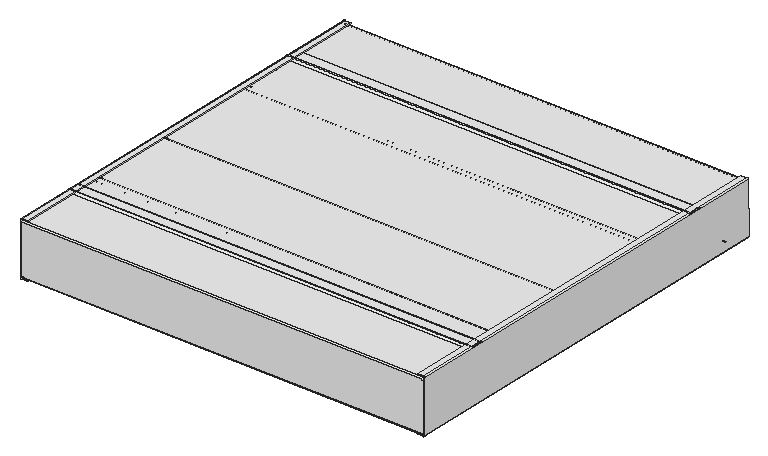
Revit family "LSTB", category Lighting Fixtures, host Ceiling, Revit 2019
Family settings
  Host = Ceiling
  Round Connector Dimension = Use Diameter
  Part Type = Normal
  OmniClass Number = 23.80.70.11.14.17
  OmniClass Title = Direct/Indirect
  Always vertical = Yes
  Cut with Voids When Loaded = No
  Light Source = Yes
  Shared = No
  Room Calculation Point = No
Parameters (values of type "LSTB2x2-LED840K033LUNV")
  Width = 1' - 11 3/4"
  Wattage = 26 W
  built-in parameter 1150110 = 1 (stored number, unit not read)
  Voltage = 120 V  # constant formula
  URL = "https://www.viscor.com/en/products/lstb"
  built-in parameter 1114217 = 0.9 (stored number, unit not read)
  Tilt Angle = 90.00°
  built-in parameter 1150109 = 1 (stored number, unit not read)
  built-in parameter 1150134 = 12
  built-in parameter 1150113 = 1 (stored number, unit not read)
  Photometric Web File = "LSTB2x2-LED840K033LUNV.IES"
  Model = "LSTB"  # constant formula
  Manufacturer = "VISIONEERING by VISCOR"  # constant formula
  Lumens = 3302 lm
  built-in parameter 1150115 = 1 (stored number, unit not read)
  built-in parameter 1150105 = 262.76 (stored number, unit not read)
  built-in parameter 1150137 = (empty or 0)
  built-in parameter 1150139 = (empty or 0)
  Lens Finish = Acrylic - Viscor - Extruded Frosted
  Length = 1' - 11 3/4"
  Lamp Wattage = 26 VA
  built-in parameter 1150112 = 1 (stored number, unit not read)
  built-in parameter 1150114 = 1 (stored number, unit not read)
  Lamp = "LED"  # constant formula
  built-in parameter 1150132 = (empty or 0)
  built-in parameter 1150102 = (empty or 0)
  built-in parameter 1150138 = (empty or 0)
  built-in parameter 1150107 = 4000 (stored number, unit not read)
  built-in parameter 1150106 = 2.6276 (stored number, unit not read)
  Housing Finish = Metal - Viscor - White
  Height = 0' - 3 1/8"
  Emit from Rectangle Width = Width  # 1' - 11 3/4"
  Emit from Rectangle Length = Length  # 1' - 11 3/4"
  Emit Shape Visible in Rendering = no
  built-in parameter 1150104 = 11.799 (stored number, unit not read)
  Dimming Lamp Color Temperature Shift = <None>
  Description = "LED Surfaced Type B"  # constant formula
  Color Filter = 16777215
  built-in parameter 1114218 = 1 (stored number, unit not read)
  built-in parameter 1150133 = 10 (stored number, unit not read)
  Assembly Code = "D5020200"
  Apparent Load = Lamp Wattage  # 26 VA
Types (5): name | Wattage | Photometric Web File | Lumens | built-in parameter 1150105 | Length | Lamp Wattage | built-in parameter 1150106 | Emit from Rectangle Length | built-in parameter 1150104 | Apparent Load
  (no name) | 26 W | "LSTB2x2-LED840K033LUNV.IES" | 3302 lm | 262.76 (stored number, unit not read) | 1' - 11 3/4" | 26 VA | 2.6276 (stored number, unit not read) | 1' - 11 3/4" | 11.799 (stored number, unit not read) | 26 VA
  LSTB2X2-LED840K020LUNV | 20 W | "LSTB2X2-LED840K020LUNV.ies" | 1980 lm | 157.56 (stored number, unit not read) | 1' - 11 3/4" | 20 VA | 1.5756 (stored number, unit not read) | 1' - 11 3/4" | 9.1974 (stored number, unit not read) | 20 VA
  LSTB2x4-LED840K037LUNV | 28 W | "LSTB2X4-LED840K037LUNV.ies" | 3276 lm | 260.7 (stored number, unit not read) | 3' - 11 3/4" | 28 VA | 2.607 (stored number, unit not read) | 3' - 11 3/4" | 10.87 (stored number, unit not read) | 28 VA
  LSTB2x2-LED840K033LUNV | 26 W | "LSTB2x2-LED840K033LUNV.IES" | 3302 lm | 262.76 (stored number, unit not read) | 1' - 11 3/4" | 26 VA | 2.6276 (stored number, unit not read) | 1' - 11 3/4" | 11.799 (stored number, unit not read) | 26 VA
  LSTB2x4-LED840K046LUNV | 44 W | "LSTB2x4-LED840K046LUNV.IES" | 4620 lm | 367.65 (stored number, unit not read) | 3' - 11 3/4" | 44 VA | 3.6765 (stored number, unit not read) | 3' - 11 3/4" | 9.7548 (stored number, unit not read) | 44 VA
Reference planes (in)
  plane 1 "Light Source Axis (F/B)": y = 0
  plane 2 "Ceiling": z = 96
  plane 3 "Light Source Axis (L/R)": x = 0
  plane 4 "Light Source Elevation": z = 92.75
  plane 5: y = 11.875
  plane 6: y = -11.875
  plane 7: x = -11.875
  plane 8: x = 11.875
  plane 9: y = 11.438
  plane 10: y = -11.438
  plane 11: x = -11.84375
  plane 12: x = 11.84375
  plane 13: x = -11.438
  plane 14: x = 11.43775
  plane 15 "DoorFrameBottom": z = 92.875
  plane 16: x = -11.59375
  plane 17: x = 11.59375
  plane 18: x = -10.88722
  plane 19: x = 10.88722
Forms (in)
  Extrusion 1, solid, material "Metal - Viscor - White" <- "Housing Finish"
    sketch origin (0, 0, 0) x (0, 1, 0) y (0, 0, 1)
      loop
        arc (11.806, 92.875) -> (11.85479, 92.89521) -> (11.875, 92.944) r 0.069
        line (11.875, 92.944) -> (11.875, 95.806)
        arc (11.875, 95.806) -> (11.85479, 95.85479) -> (11.806, 95.875) r 0.069
        line (11.806, 95.875) -> (8.44993, 95.875) -> (8.34426, 95.98067)
        arc (8.34426, 95.98067) -> (8.32285, 95.99498) -> (8.29759, 96) r 0.066
        line (8.29759, 96) -> (7.70241, 96)
        arc (7.70241, 96) -> (7.67715, 95.99498) -> (7.65574, 95.98067) r 0.066
        line (7.65574, 95.98067) -> (7.55007, 95.875) -> (-7.55007, 95.875) -> (-7.65574, 95.98067)
        arc (-7.65574, 95.98067) -> (-7.67715, 95.99498) -> (-7.70241, 96) r 0.066
        line (-7.70241, 96) -> (-8.29759, 96)
        arc (-8.29759, 96) -> (-8.32285, 95.99498) -> (-8.34426, 95.98067) r 0.066
        line (-8.34426, 95.98067) -> (-8.44993, 95.875) -> (-11.806, 95.875)
        arc (-11.806, 95.875) -> (-11.85479, 95.85479) -> (-11.875, 95.806) r 0.069
        line (-11.875, 95.806) -> (-11.875, 92.944)
        arc (-11.875, 92.944) -> (-11.85479, 92.89521) -> (-11.806, 92.875) r 0.069
        line (-11.806, 92.875) -> (-11.506, 92.875)
        arc (-11.506, 92.875) -> (-11.45721, 92.89521) -> (-11.437, 92.944) r 0.069
        line (-11.437, 92.944) -> (-11.437, 93.616)
        arc (-11.437, 93.616) -> (-11.42558, 93.64358) -> (-11.398, 93.655) r 0.039
        line (-11.398, 93.655) -> (-10.85101, 93.655) -> (-10.85101, 93.68625) -> (-11.398, 93.68625)
        arc (-11.398, 93.68625) -> (-11.44767, 93.66567) -> (-11.46825, 93.616) r 0.07025
        line (-11.46825, 93.616) -> (-11.46825, 92.944)
        arc (-11.46825, 92.944) -> (-11.47931, 92.91731) -> (-11.506, 92.90625) r 0.03775
        line (-11.506, 92.90625) -> (-11.806, 92.90625)
        arc (-11.806, 92.90625) -> (-11.83269, 92.91731) -> (-11.84375, 92.944) r 0.03775
        line (-11.84375, 92.944) -> (-11.84375, 95.806)
        arc (-11.84375, 95.806) -> (-11.83269, 95.83269) -> (-11.806, 95.84375) r 0.03775
        line (-11.806, 95.84375) -> (-8.43698, 95.84375) -> (-8.31198, 95.96875) -> (-7.68802, 95.96875) -> (-7.56302, 95.84375) -> (7.56302, 95.84375) -> (7.68802, 95.96875) -> (8.31198, 95.96875) -> (8.43698, 95.84375) -> (11.806, 95.84375)
        arc (11.806, 95.84375) -> (11.83269, 95.83269) -> (11.84375, 95.806) r 0.03775
        line (11.84375, 95.806) -> (11.84375, 92.944)
        arc (11.84375, 92.944) -> (11.83269, 92.91731) -> (11.806, 92.90625) r 0.03775
        line (11.806, 92.90625) -> (11.506, 92.90625)
        arc (11.506, 92.90625) -> (11.47931, 92.91731) -> (11.46825, 92.944) r 0.03775
        line (11.46825, 92.944) -> (11.46825, 93.616)
        arc (11.46825, 93.616) -> (11.44767, 93.66567) -> (11.398, 93.68625) r 0.07025
        line (11.398, 93.68625) -> (10.85101, 93.68625) -> (10.85101, 93.655) -> (11.398, 93.655)
        arc (11.398, 93.655) -> (11.42558, 93.64358) -> (11.437, 93.616) r 0.039
        line (11.437, 93.616) -> (11.437, 92.944)
        arc (11.437, 92.944) -> (11.45721, 92.89521) -> (11.506, 92.875) r 0.069
        line (11.506, 92.875) -> (11.806, 92.875)
    from -11.84375 to 11.84375
  Extrusion 2, solid, material "Metal - Viscor - White" <- "Housing Finish"
    sketch origin (0, 0, 0) x (1, 0, 0) y (0, 0, 1)
      loop
        arc (-11.84375, 95.9375) -> (-11.8346, 95.9596) -> (-11.8125, 95.96875) r 0.03125
        line (-11.8125, 95.96875) -> (-11.438, 95.96875) -> (-11.438, 96) -> (-11.8125, 96)
        arc (-11.8125, 96) -> (-11.85669, 95.98169) -> (-11.875, 95.9375) r 0.0625
        line (-11.875, 95.9375) -> (-11.875, 92.90625)
        arc (-11.875, 92.90625) -> (-11.85669, 92.86206) -> (-11.8125, 92.84375) r 0.0625
        line (-11.8125, 92.84375) -> (-11.438, 92.84375) -> (-11.438, 92.875) -> (-11.8125, 92.875)
        arc (-11.8125, 92.875) -> (-11.8346, 92.88415) -> (-11.84375, 92.90625) r 0.03125
        line (-11.84375, 92.90625) -> (-11.84375, 95.9375)
    from -11.875 to 11.875
  Extrusion 3, solid, material "Metal - Viscor - White" <- "Housing Finish"
    sketch origin (0, 0, 0) x (-1, 0, 0) y (0, 0, -1)
      loop
        line (-11.84375, -95.9375) -> (-11.84375, -92.90625)
        arc (-11.84375, -92.90625) -> (-11.8346, -92.88415) -> (-11.8125, -92.875) r 0.03125
        line (-11.8125, -92.875) -> (-11.438, -92.875) -> (-11.438, -92.84375) -> (-11.8125, -92.84375)
        arc (-11.8125, -92.84375) -> (-11.85669, -92.86206) -> (-11.875, -92.90625) r 0.0625
        line (-11.875, -92.90625) -> (-11.875, -95.9375)
        arc (-11.875, -95.9375) -> (-11.85669, -95.98169) -> (-11.8125, -96) r 0.0625
        line (-11.8125, -96) -> (-11.438, -96) -> (-11.438, -95.96875) -> (-11.8125, -95.96875)
        arc (-11.8125, -95.96875) -> (-11.8346, -95.9596) -> (-11.84375, -95.9375) r 0.03125
    from -11.875 to 11.875
  Extrusion 4, solid, material "Metal - Viscor - White" <- "Housing Finish"
    sketch origin (0, 0, 92.875) x (0, 1, 0) y (-1, 0, 0)
      loop
        line (-11.38722, 11.38722) -> (-11.38722, -11.38722) -> (11.38722, -11.38722) -> (11.38722, 11.38722) -> (-11.38722, 11.38722)
      loop
        line (-10.88722, 10.88722) -> (-10.88722, -10.88722) -> (10.88722, -10.88722) -> (10.88722, 10.88722) -> (-10.88722, 10.88722)
    from 0 to 0.5
  Extrusion 5, solid, material "Metal - Viscor - White" <- "Housing Finish"
    sketch origin (0, 0, 0) x (0, 1, 0) y (0, 0, 1)
      loop
        arc (1.65995, 95.84425) -> (1.62398, 95.83227) -> (1.60237, 95.80111) r 0.06
        line (1.60237, 95.80111) -> (1.18671, 94.38159) -> (0.82699, 94.13024) -> (-0.82699, 94.13024) -> (-1.18671, 94.38159) -> (-1.60237, 95.80111)
        arc (-1.60237, 95.80111) -> (-1.62398, 95.83227) -> (-1.65995, 95.84425) r 0.06
        line (-1.65995, 95.84425) -> (-1.906, 95.84425) -> (-1.906, 95.813) -> (-1.65995, 95.813)
        arc (-1.65995, 95.813) -> (-1.64271, 95.80726) -> (-1.63236, 95.79233) r 0.02875
        line (-1.63236, 95.79233) -> (-1.21361, 94.36227) -> (-0.83683, 94.09899) -> (0.83683, 94.09899) -> (1.21361, 94.36227) -> (1.63236, 95.79233)
        arc (1.63236, 95.79233) -> (1.64271, 95.80726) -> (1.65995, 95.813) r 0.02875
        line (1.65995, 95.813) -> (1.906, 95.813) -> (1.906, 95.84425) -> (1.65995, 95.84425)
    from -11.59375 to 11.59375
  Extrusion 6, solid, material "Metal - Viscor - White" <- "Housing Finish"
    sketch origin (0, 0, 0) x (0, 1, 0) y (0, 0, 1)
      loop
        line (6.837, 95.84425) -> (6.444, 95.84425)
        arc (6.444, 95.84425) -> (6.39521, 95.82404) -> (6.375, 95.77525) r 0.069
        line (6.375, 95.77525) -> (6.375, 95.25825)
        arc (6.375, 95.25825) -> (6.36358, 95.23067) -> (6.336, 95.21925) r 0.039
        line (6.336, 95.21925) -> (4.664, 95.21925)
        arc (4.664, 95.21925) -> (4.63642, 95.23067) -> (4.625, 95.25825) r 0.039
        line (4.625, 95.25825) -> (4.625, 95.77525)
        arc (4.625, 95.77525) -> (4.60479, 95.82404) -> (4.556, 95.84425) r 0.069
        line (4.556, 95.84425) -> (4.163, 95.84425) -> (4.163, 95.813) -> (4.556, 95.813)
        arc (4.556, 95.813) -> (4.58269, 95.80194) -> (4.59375, 95.77525) r 0.03775
        line (4.59375, 95.77525) -> (4.59375, 95.25825)
        arc (4.59375, 95.25825) -> (4.61433, 95.20858) -> (4.664, 95.188) r 0.07025
        line (4.664, 95.188) -> (6.336, 95.188)
        arc (6.336, 95.188) -> (6.38567, 95.20858) -> (6.40625, 95.25825) r 0.07025
        line (6.40625, 95.25825) -> (6.40625, 95.77525)
        arc (6.40625, 95.77525) -> (6.41731, 95.80194) -> (6.444, 95.813) r 0.03775
        line (6.444, 95.813) -> (6.837, 95.813) -> (6.837, 95.84425)
    from -11.59375 to 11.59375
  Extrusion 7, solid, material "Metal - Viscor - White" <- "Housing Finish"
    sketch origin (0, 0, 0) x (0, -1, 0) y (0, 0, -1)
      loop
        line (6.837, -95.84425) -> (6.837, -95.813) -> (6.444, -95.813)
        arc (6.444, -95.813) -> (6.41731, -95.80194) -> (6.40625, -95.77525) r 0.03775
        line (6.40625, -95.77525) -> (6.40625, -95.25825)
        arc (6.40625, -95.25825) -> (6.38567, -95.20858) -> (6.336, -95.188) r 0.07025
        line (6.336, -95.188) -> (4.664, -95.188)
        arc (4.664, -95.188) -> (4.61433, -95.20858) -> (4.59375, -95.25825) r 0.07025
        line (4.59375, -95.25825) -> (4.59375, -95.77525)
        arc (4.59375, -95.77525) -> (4.58269, -95.80194) -> (4.556, -95.813) r 0.03775
        line (4.556, -95.813) -> (4.163, -95.813) -> (4.163, -95.84425) -> (4.556, -95.84425)
        arc (4.556, -95.84425) -> (4.60479, -95.82404) -> (4.625, -95.77525) r 0.069
        line (4.625, -95.77525) -> (4.625, -95.25825)
        arc (4.625, -95.25825) -> (4.63642, -95.23067) -> (4.664, -95.21925) r 0.039
        line (4.664, -95.21925) -> (6.336, -95.21925)
        arc (6.336, -95.21925) -> (6.36358, -95.23067) -> (6.375, -95.25825) r 0.039
        line (6.375, -95.25825) -> (6.375, -95.77525)
        arc (6.375, -95.77525) -> (6.39521, -95.82404) -> (6.444, -95.84425) r 0.069
        line (6.444, -95.84425) -> (6.837, -95.84425)
    from -11.59375 to 11.59375
  Extrusion 8, solid, material "Metal - Viscor - White" <- "Housing Finish"
    sketch origin (0, 0, 0) x (0, 1, 0) y (0, 0, 1)
      loop
        arc (11.279, 92.87425) -> (11.32284, 92.89241) -> (11.341, 92.93625) r 0.062
        line (11.341, 92.93625) -> (11.341, 93.50025)
        arc (11.341, 93.50025) -> (11.32284, 93.54409) -> (11.279, 93.56225) r 0.062
        line (11.279, 93.56225) -> (11.091, 93.56225) -> (11.091, 93.531) -> (11.279, 93.531)
        arc (11.279, 93.531) -> (11.30074, 93.52199) -> (11.30975, 93.50025) r 0.03075
        line (11.30975, 93.50025) -> (11.30975, 92.93625)
        arc (11.30975, 92.93625) -> (11.30074, 92.91451) -> (11.279, 92.9055) r 0.03075
        line (11.279, 92.9055) -> (10.853, 92.9055) -> (10.58328, 93.14844)
        arc (10.58328, 93.14844) -> (8.86451, 94.25428) -> (6.88363, 94.75745) r 6.35574
        line (6.88363, 94.75745) -> (6.72553, 94.77128) -> (6.3483, 94.80428) -> (6.21684, 94.9555) -> (6.19326, 94.935) -> (6.31657, 94.79316)
        arc (6.31657, 94.79316) -> (6.33521, 94.77859) -> (6.35795, 94.77207) r 0.062
        line (6.35795, 94.77207) -> (6.72281, 94.74015) -> (6.88091, 94.72631)
        arc (6.88091, 94.72631) -> (8.85204, 94.22562) -> (10.56236, 93.12522) r 6.32449
        line (10.56236, 93.12522) -> (10.82331, 92.89018)
        arc (10.82331, 92.89018) -> (10.84258, 92.87837) -> (10.86481, 92.87425) r 0.062
        line (10.86481, 92.87425) -> (11.279, 92.87425)
    from -11.59375 to 11.59375
  Extrusion 9, solid, material "Metal - Viscor - White" <- "Housing Finish"
    sketch origin (0, 0, 0) x (0, -1, 0) y (0, 0, -1)
      loop
        line (11.279, -92.87425) -> (10.86481, -92.87425)
        arc (10.86481, -92.87425) -> (10.84258, -92.87837) -> (10.82331, -92.89018) r 0.062
        line (10.82331, -92.89018) -> (10.56236, -93.12522)
        arc (10.56236, -93.12522) -> (8.85204, -94.22562) -> (6.88091, -94.72631) r 6.32449
        line (6.88091, -94.72631) -> (6.72281, -94.74015) -> (6.35795, -94.77207)
        arc (6.35795, -94.77207) -> (6.33521, -94.77859) -> (6.31657, -94.79316) r 0.062
        line (6.31657, -94.79316) -> (6.19326, -94.935) -> (6.21684, -94.9555) -> (6.3483, -94.80428) -> (6.72553, -94.77128) -> (6.88363, -94.75745)
        arc (6.88363, -94.75745) -> (8.86451, -94.25428) -> (10.58328, -93.14844) r 6.35574
        line (10.58328, -93.14844) -> (10.853, -92.9055) -> (11.279, -92.9055)
        arc (11.279, -92.9055) -> (11.30074, -92.91451) -> (11.30975, -92.93625) r 0.03075
        line (11.30975, -92.93625) -> (11.30975, -93.50025)
        arc (11.30975, -93.50025) -> (11.30074, -93.52199) -> (11.279, -93.531) r 0.03075
        line (11.279, -93.531) -> (11.091, -93.531) -> (11.091, -93.56225) -> (11.279, -93.56225)
        arc (11.279, -93.56225) -> (11.32284, -93.54409) -> (11.341, -93.50025) r 0.062
        line (11.341, -93.50025) -> (11.341, -92.93625)
        arc (11.341, -92.93625) -> (11.32284, -92.89241) -> (11.279, -92.87425) r 0.062
    from -11.59375 to 11.59375
  Extrusion 10, solid, material "Acrylic - Viscor - Extruded Frosted" <- "Lens Finish"
    sketch origin (0, 0, 0) x (0, 1, 0) y (0, 0, 1)
      loop
        arc (5.75625, 93.14402) -> (5.9937, 93.37411) -> (6.17497, 93.65064) r 1.5
        arc (6.17497, 93.65064) -> (6.35696, 94.14556) -> (6.41875, 94.66925) r 2.25
        line (6.41875, 94.66925) -> (6.41875, 94.75425)
        arc (6.41875, 94.75425) -> (6.41289, 94.76839) -> (6.39875, 94.77425) r 0.02
        line (6.39875, 94.77425) -> (6.221, 94.77425) -> (6.221, 94.96644)
        arc (6.221, 94.96644) -> (6.23058, 94.98235) -> (6.24913, 94.98132) r 0.018
        arc (6.24913, 94.98132) -> (6.29327, 94.99363) -> (6.27376, 95.0351) r 0.03
        line (6.27376, 95.0351) -> (6.18618, 95.05857)
        arc (6.18618, 95.05857) -> (6.16882, 95.05512) -> (6.161, 95.03925) r 0.02
        line (6.161, 95.03925) -> (6.161, 94.72425)
        arc (6.161, 94.72425) -> (6.16979, 94.70304) -> (6.191, 94.69425) r 0.03
        line (6.191, 94.69425) -> (6.33875, 94.69425)
        arc (6.33875, 94.69425) -> (6.28217, 94.17632) -> (6.10377, 93.68679) r 2.17014
        arc (6.10377, 93.68679) -> (5.93215, 93.42499) -> (5.70734, 93.20714) r 1.42014
        arc (5.70734, 93.20714) -> (5.45, 93.11911) -> (5.19266, 93.20714) r 0.42014
        arc (5.19266, 93.20714) -> (4.96785, 93.42499) -> (4.79623, 93.68679) r 1.42014
        arc (4.79623, 93.68679) -> (4.61783, 94.17632) -> (4.56125, 94.69425) r 2.17014
        line (4.56125, 94.69425) -> (4.709, 94.69425)
        arc (4.709, 94.69425) -> (4.73021, 94.70304) -> (4.739, 94.72425) r 0.03
        line (4.739, 94.72425) -> (4.739, 95.03925)
        arc (4.739, 95.03925) -> (4.73118, 95.05512) -> (4.71382, 95.05857) r 0.02
        line (4.71382, 95.05857) -> (4.62624, 95.0351)
        arc (4.62624, 95.0351) -> (4.60673, 94.99363) -> (4.65088, 94.98132) r 0.03
        arc (4.65088, 94.98132) -> (4.66942, 94.98235) -> (4.679, 94.96644) r 0.018
        line (4.679, 94.96644) -> (4.679, 94.77425) -> (4.50125, 94.77425)
        arc (4.50125, 94.77425) -> (4.48711, 94.76839) -> (4.48125, 94.75425) r 0.02
        line (4.48125, 94.75425) -> (4.48125, 94.66925)
        arc (4.48125, 94.66925) -> (4.54304, 94.14556) -> (4.72503, 93.65064) r 2.25
        arc (4.72503, 93.65064) -> (4.9063, 93.37411) -> (5.14375, 93.14402) r 1.5
        arc (5.14375, 93.14402) -> (5.45, 93.03925) -> (5.75625, 93.14402) r 0.5
    from -10.88722 to 10.88722
  Extrusion 11, solid, material "Acrylic - Viscor - Extruded Frosted" <- "Lens Finish"
    sketch origin (0, 0, 0) x (0, -1, 0) y (0, 0, -1)
      loop
        arc (5.75625, -93.14402) -> (5.45, -93.03925) -> (5.14375, -93.14402) r 0.5
        arc (5.14375, -93.14402) -> (4.9063, -93.37411) -> (4.72503, -93.65064) r 1.5
        arc (4.72503, -93.65064) -> (4.54304, -94.14556) -> (4.48125, -94.66925) r 2.25
        line (4.48125, -94.66925) -> (4.48125, -94.75425)
        arc (4.48125, -94.75425) -> (4.48711, -94.76839) -> (4.50125, -94.77425) r 0.02
        line (4.50125, -94.77425) -> (4.679, -94.77425) -> (4.679, -94.96644)
        arc (4.679, -94.96644) -> (4.66942, -94.98235) -> (4.65088, -94.98132) r 0.018
        arc (4.65088, -94.98132) -> (4.60673, -94.99363) -> (4.62624, -95.0351) r 0.03
        line (4.62624, -95.0351) -> (4.71382, -95.05857)
        arc (4.71382, -95.05857) -> (4.73118, -95.05512) -> (4.739, -95.03925) r 0.02
        line (4.739, -95.03925) -> (4.739, -94.72425)
        arc (4.739, -94.72425) -> (4.73021, -94.70304) -> (4.709, -94.69425) r 0.03
        line (4.709, -94.69425) -> (4.56125, -94.69425)
        arc (4.56125, -94.69425) -> (4.61783, -94.17632) -> (4.79623, -93.68679) r 2.17014
        arc (4.79623, -93.68679) -> (4.96785, -93.42499) -> (5.19266, -93.20714) r 1.42014
        arc (5.19266, -93.20714) -> (5.45, -93.11911) -> (5.70734, -93.20714) r 0.42014
        arc (5.70734, -93.20714) -> (5.93215, -93.42499) -> (6.10377, -93.68679) r 1.42014
        arc (6.10377, -93.68679) -> (6.28217, -94.17632) -> (6.33875, -94.69425) r 2.17014
        line (6.33875, -94.69425) -> (6.191, -94.69425)
        arc (6.191, -94.69425) -> (6.16979, -94.70304) -> (6.161, -94.72425) r 0.03
        line (6.161, -94.72425) -> (6.161, -95.03925)
        arc (6.161, -95.03925) -> (6.16882, -95.05512) -> (6.18618, -95.05857) r 0.02
        line (6.18618, -95.05857) -> (6.27376, -95.0351)
        arc (6.27376, -95.0351) -> (6.29327, -94.99363) -> (6.24913, -94.98132) r 0.03
        arc (6.24913, -94.98132) -> (6.23058, -94.98235) -> (6.221, -94.96644) r 0.018
        line (6.221, -94.96644) -> (6.221, -94.77425) -> (6.39875, -94.77425)
        arc (6.39875, -94.77425) -> (6.41289, -94.76839) -> (6.41875, -94.75425) r 0.02
        line (6.41875, -94.75425) -> (6.41875, -94.66925)
        arc (6.41875, -94.66925) -> (6.35696, -94.14556) -> (6.17497, -93.65064) r 2.25
        arc (6.17497, -93.65064) -> (5.9937, -93.37411) -> (5.75625, -93.14402) r 1.5
    from -10.88722 to 10.88722
  Extrusion 12, solid, material "Metal - Viscor - White" <- "Housing Finish"
    sketch origin (0, 0, 0) x (0, 1, 0) y (0, 0, 1)
      loop
        line (8.03793, 94.96225) -> (1.5, 94.96225) -> (1.5, 94.46225) -> (0.875, 94.02225) -> (-0.875, 94.02225) -> (-1.5, 94.46225) -> (-1.5, 94.96225) -> (-8.03793, 94.96225) -> (-11.006, 93.39725) -> (-11.006, 92.95925) -> (11.006, 92.95925) -> (11.006, 93.39725) -> (8.03793, 94.96225)
    from 10.88722 to 11.43775
  Extrusion 13, solid, material "Metal - Viscor - White" <- "Housing Finish"
    sketch origin (0, 0, 0) x (0, 1, 0) y (0, 0, -1)
      loop
        line (8.03793, -94.96225) -> (11.006, -93.39725) -> (11.006, -92.95925) -> (-11.006, -92.95925) -> (-11.006, -93.39725) -> (-8.03793, -94.96225) -> (-1.5, -94.96225) -> (-1.5, -94.46225) -> (-0.875, -94.02225) -> (0.875, -94.02225) -> (1.5, -94.46225) -> (1.5, -94.96225) -> (8.03793, -94.96225)
    from 10.88722 to 11.438
  Extrusion 14, solid, material "Metal - Viscor - White" <- "Housing Finish"
    sketch origin (0, 0, 0) x (0, 1, 0) y (0, 0, 1)
      loop
        line (0.31414, 93.54991) -> (0.43641, 93.61827)
        arc (0.43641, 93.61827) -> (2.16973, 94.35971) -> (4.02, 94.72114) r 8.93911
        line (4.02, 94.72114) -> (4.13451, 94.73116) -> (4.23363, 94.73983) -> (4.59426, 94.77139)
        arc (4.59426, 94.77139) -> (4.62268, 94.78412) -> (4.6414, 94.80901) r 0.06239
        line (4.6414, 94.80901) -> (4.70851, 94.97104) -> (4.67964, 94.983) -> (4.60539, 94.80373) -> (4.23091, 94.77097) -> (4.13179, 94.76229) -> (4.01728, 94.75228)
        arc (4.01728, 94.75228) -> (2.16054, 94.38958) -> (0.42116, 93.64555) r 8.97036
        line (0.42116, 93.64555) -> (0.29889, 93.57718) -> (0.01501, 93.41845)
        arc (0.01501, 93.41845) -> (0, 93.41453) -> (-0.01501, 93.41845) r 0.03075
        line (-0.01501, 93.41845) -> (-0.29889, 93.57718) -> (-0.42116, 93.64555)
        arc (-0.42116, 93.64555) -> (-2.16054, 94.38958) -> (-4.01728, 94.75228) r 8.97036
        line (-4.01728, 94.75228) -> (-4.23091, 94.77097) -> (-4.60539, 94.80373) -> (-4.67964, 94.983) -> (-4.70851, 94.97104) -> (-4.6414, 94.80901)
        arc (-4.6414, 94.80901) -> (-4.62329, 94.78457) -> (-4.59582, 94.77152) r 0.06272
        line (-4.59582, 94.77152) -> (-4.23363, 94.73983) -> (-4.02, 94.72114)
        arc (-4.02, 94.72114) -> (-2.16973, 94.35971) -> (-0.43641, 93.61827) r 8.93911
        line (-0.43641, 93.61827) -> (-0.31414, 93.54991) -> (-0.03026, 93.39117)
        arc (-0.03026, 93.39117) -> (0, 93.38328) -> (0.03026, 93.39117) r 0.062
        line (0.03026, 93.39117) -> (0.31414, 93.54991)
    from -10.88722 to 10.88722
Dimensions and locks (in)
  equal spacing: host sketch curve, plane 3 "Light Source Axis (L/R)", host sketch curve
  equal spacing: host sketch curve, plane 1 "Light Source Axis (F/B)", host sketch curve
  host sketch curve to host sketch curve = 10' - 0"  (x2)
  equal spacing: plane 7, plane 3 "Light Source Axis (L/R)", plane 8
  equal spacing: plane 5, plane 1 "Light Source Axis (F/B)", plane 6
  plane 9 to plane 5 = 0' - 0.437"
  locked: plane 12 to plane 8 at 0.03125
  locked: plane 13 to plane 7 at 0.437
  locked: plane 14 to plane 12 at 0.406
  "Length": plane 7 to plane 8
  "Width": plane 5 to plane 6
  plane 7 to plane 11 to plane 13 = 0' - 0 1/32", 0' - 0.40575"
  plane 6 to plane 10 to plane 1 "Light Source Axis (F/B)" = 0' - 0.437" locked, 0' - 11.438"
  "Height": plane 2 "Ceiling" to plane 15 "DoorFrameBottom"
  locked: plane 7 to plane 16 at 0.28125
  locked: plane 17 to plane 8 at 0.28125
  locked: plane 13 to plane 18 at 0.55078
  locked: plane 19 to plane 14 at 0.55053
  aligned and locked: plane 3 "Light Source Axis (L/R)" to imposter light
  aligned and locked: plane 1 "Light Source Axis (F/B)" to imposter light
  aligned and locked: plane 4 "Light Source Elevation" to imposter light
  aligned and locked: Extrusion 1 to plane 11
  aligned and locked: plane 12 to Extrusion 1
  aligned and locked: Extrusion 2 to plane 6
  aligned and locked: plane 5 to Extrusion 2
  aligned and locked: Extrusion 3 to plane 6
  aligned and locked: plane 5 to Extrusion 3
  aligned and locked: Extrusion 5 to plane 16
  aligned and locked: plane 17 to Extrusion 5
  aligned and locked: Extrusion 6 to plane 16
  aligned and locked: plane 17 to Extrusion 6
  aligned and locked: Extrusion 7 to plane 16
  aligned and locked: plane 17 to Extrusion 7
  aligned and locked: Extrusion 8 to plane 16
  aligned and locked: plane 17 to Extrusion 8
  aligned and locked: Extrusion 9 to plane 16
  aligned and locked: plane 17 to Extrusion 9
  aligned and locked: plane 18 to Extrusion 10
  aligned and locked: plane 18 to Extrusion 11
  aligned and locked: Extrusion 10 to plane 19
  aligned and locked: Extrusion 11 to plane 19
  aligned and locked: plane 14 to Extrusion 12
  aligned and locked: plane 19 to Extrusion 12
  aligned and locked: Extrusion 13 to plane 13
  aligned and locked: Extrusion 13 to plane 18
  aligned and locked: plane 18 to Extrusion 14
  aligned and locked: Extrusion 14 to plane 19
Automatic sketch dimensions
  Extrusion 1 sketch curve to Extrusion 1 sketch curve = 0' - 0"  (x16)
  Extrusion 1 sketch curve to plane 6 = 0' - 0"
  Extrusion 1 sketch curve to plane 15 "DoorFrameBottom" = 0' - 0"  (x2)
  Extrusion 1 sketch curve to plane 2 "Ceiling" = 0' - 0"  (x2)
  Extrusion 1 sketch curve to plane 5 = 0' - 0"
  Extrusion 1 sketch curve to Extrusion 1 sketch curve = 0' - 0 1/32"
  plane 6 to Extrusion 1 sketch curve = 0' - 0.069"
  Extrusion 1 sketch curve to Extrusion 1 sketch curve = 0' - 0.03775"  (x3)
  Extrusion 1 sketch curve to plane 10 = 0' - 0.068"
  Extrusion 1 sketch curve to plane 10 = 0' - 0.03025"
  Extrusion 1 sketch curve to Extrusion 1 sketch curve = 0' - 0.039"
  Extrusion 1 sketch curve to Extrusion 1 sketch curve = 0' - 0.54699"
  Extrusion 1 sketch curve to plane 2 "Ceiling" = 0' - 0 1/8"  (x3)
  plane 10 to Extrusion 1 sketch curve = 0' - 2.98807"
  Extrusion 1 sketch curve to Extrusion 1 sketch curve = 0' - 0.01294"  (x4)
  Extrusion 1 sketch curve to plane 2 "Ceiling" = 0' - 0.01933"  (x4)
  Extrusion 1 sketch curve to Extrusion 1 sketch curve = 0' - 0.10567"  (x2)
  Extrusion 1 sketch curve to plane 2 "Ceiling" = 0' - 0 1/32"  (x2)
  Extrusion 1 sketch curve to Extrusion 1 sketch curve = 0' - 0.03228"  (x2)
  Extrusion 1 sketch curve to Extrusion 1 sketch curve = 0' - 0.01439"  (x4)
  Extrusion 1 sketch curve to plane 2 "Ceiling" = 0' - 0.066"  (x2)
  Extrusion 1 sketch curve to Extrusion 1 sketch curve = 0' - 0.59518"  (x2)
  Extrusion 1 sketch curve to plane 2 "Ceiling" = 0' - 0 5/32"  (x2)
  Extrusion 1 sketch curve to Extrusion 1 sketch curve = 0' - 0.09272"  (x2)
  Extrusion 1 sketch curve to plane 9 = 0' - 3.88793"
  Extrusion 1 sketch curve to plane 9 = 0' - 0.58699"
  Extrusion 1 sketch curve to plane 9 = 0' - 0.04"
  Extrusion 1 sketch curve to plane 9 = 0' - 0.001"
  Extrusion 1 sketch curve to plane 5 = 0' - 0.069"
  Extrusion 1 sketch curve to Extrusion 1 sketch curve = 0' - 0.672"  (x2)
  Extrusion 2 sketch curve to Extrusion 2 sketch curve = 0' - 0"  (x4)
  Extrusion 2 sketch curve to plane 7 = 0' - 0"
  Extrusion 2 sketch curve to plane 11 = 0' - 0"
  Extrusion 2 sketch curve to plane 15 "DoorFrameBottom" = 0' - 0"
  Extrusion 2 sketch curve to plane 2 "Ceiling" = 0' - 0"
  Extrusion 2 sketch curve to plane 13 = 0' - 0"  (x2)
  Extrusion 2 sketch curve to Extrusion 2 sketch curve = 0' - 0 1/32"
  plane 11 to Extrusion 2 sketch curve = 0' - 0 1/32"
  Extrusion 3 sketch curve to Extrusion 3 sketch curve = 0' - 0"  (x4)
  Extrusion 3 sketch curve to plane 8 = 0' - 0"
  Extrusion 3 sketch curve to plane 12 = 0' - 0"
  Extrusion 3 sketch curve to plane 15 "DoorFrameBottom" = 0' - 0"
  Extrusion 3 sketch curve to plane 2 "Ceiling" = 0' - 0"
  plane 12 to Extrusion 3 sketch curve = 0' - 0 1/32"  (x2)
  Extrusion 3 sketch curve to plane 14 = 0' - 0.00025"  (x2)
  Extrusion 4 sketch curve to plane 19 = 0' - 0"
  Extrusion 4 sketch curve to plane 18 = 0' - 0"
  plane 10 to Extrusion 4 sketch curve = 0' - 0 13/256"
  plane 10 to Extrusion 4 sketch curve = 0' - 0 141/256"
  Extrusion 4 sketch curve to plane 9 = 0' - 0 141/256"
  Extrusion 4 sketch curve to plane 9 = 0' - 0 13/256"
  Extrusion 4 sketch curve to plane 14 = 0' - 0.05053"
  plane 13 to Extrusion 4 sketch curve = 0' - 0 13/256"
  Extrusion 5 sketch curve to Extrusion 5 sketch curve = 0' - 0"  (x4)
  Extrusion 5 sketch curve to plane 2 "Ceiling" = 0' - 0.187"
  plane 1 "Light Source Axis (F/B)" to Extrusion 5 sketch curve = 0' - 1.906"
  Extrusion 5 sketch curve to Extrusion 5 sketch curve = 0' - 0.24605"  (x2)
  Extrusion 5 sketch curve to plane 2 "Ceiling" = 0' - 0.20767"  (x2)
  Extrusion 5 sketch curve to Extrusion 5 sketch curve = 0' - 0.02759"  (x2)
  Extrusion 5 sketch curve to plane 2 "Ceiling" = 0' - 0.19889"  (x2)
  Extrusion 5 sketch curve to Extrusion 5 sketch curve = 0' - 0.02999"  (x2)
  plane 1 "Light Source Axis (F/B)" to Extrusion 5 sketch curve = 0' - 1.21361"
  Extrusion 5 sketch curve to Extrusion 5 sketch curve = 0' - 0.0269"  (x2)
  Extrusion 5 sketch curve to Extrusion 5 sketch curve = 0' - 0.34988"
  Extrusion 5 sketch curve to Extrusion 5 sketch curve = 0' - 0.00984"  (x2)
  Extrusion 5 sketch curve to plane 1 "Light Source Axis (F/B)" = 0' - 0.82699"
  Extrusion 5 sketch curve to Extrusion 5 sketch curve = 0' - 0.35972"
  Extrusion 5 sketch curve to Extrusion 5 sketch curve = 0' - 0.41566"
  Extrusion 5 sketch curve to Extrusion 5 sketch curve = 0' - 0.00808"
  Extrusion 5 sketch curve to Extrusion 5 sketch curve = 0' - 1.41952"  (x2)
  Extrusion 5 sketch curve to Extrusion 5 sketch curve = 0' - 0.01932"  (x2)
  Extrusion 5 sketch curve to Extrusion 5 sketch curve = 0' - 0.25136"
  Extrusion 5 sketch curve to Extrusion 5 sketch curve = 0' - 0 1/32"
  Extrusion 6 sketch curve to Extrusion 6 sketch curve = 0' - 0"  (x8)
  Extrusion 6 sketch curve to plane 2 "Ceiling" = 0' - 0.15575"
  Extrusion 6 sketch curve to plane 1 "Light Source Axis (F/B)" = 0' - 4.163"
  Extrusion 6 sketch curve to Extrusion 6 sketch curve = 0' - 0.393"  (x2)
  Extrusion 6 sketch curve to Extrusion 6 sketch curve = 0' - 0.03775"  (x2)
  Extrusion 6 sketch curve to Extrusion 6 sketch curve = 0' - 0 1/32"
  Extrusion 6 sketch curve to Extrusion 6 sketch curve = 0' - 0.039"  (x2)
  Extrusion 6 sketch curve to plane 2 "Ceiling" = 0' - 0.78075"
  Extrusion 6 sketch curve to Extrusion 6 sketch curve = 0' - 1.672"
  Extrusion 6 sketch curve to plane 2 "Ceiling" = 0' - 0.187"
  Extrusion 7 sketch curve to Extrusion 7 sketch curve = 0' - 0"  (x8)
  plane 2 "Ceiling" to Extrusion 7 sketch curve = 0' - 0.15575"
  Extrusion 7 sketch curve to plane 1 "Light Source Axis (F/B)" = 0' - 4.163"
  Extrusion 7 sketch curve to Extrusion 7 sketch curve = 0' - 0.393"  (x2)
  Extrusion 7 sketch curve to Extrusion 7 sketch curve = 0' - 0.03775"  (x2)
  Extrusion 7 sketch curve to Extrusion 7 sketch curve = 0' - 0 1/32"
  Extrusion 7 sketch curve to Extrusion 7 sketch curve = 0' - 0.039"  (x2)
  plane 2 "Ceiling" to Extrusion 7 sketch curve = 0' - 0.78075"
  Extrusion 7 sketch curve to Extrusion 7 sketch curve = 0' - 1.672"
  plane 2 "Ceiling" to Extrusion 7 sketch curve = 0' - 0.187"
  Extrusion 8 sketch curve to Extrusion 8 sketch curve = 0' - 0"  (x6)
  Extrusion 8 sketch curve to plane 2 "Ceiling" = 0' - 1.065"
  Extrusion 8 sketch curve to plane 9 = 0' - 5.24474"
  Extrusion 8 sketch curve to plane 2 "Ceiling" = 0' - 1.0445"
  Extrusion 8 sketch curve to Extrusion 8 sketch curve = 0' - 0.02358"
  Extrusion 8 sketch curve to plane 2 "Ceiling" = 0' - 1.20684"
  Extrusion 8 sketch curve to plane 9 = 0' - 5.10831"
  Extrusion 8 sketch curve to plane 2 "Ceiling" = 0' - 1.19572"
  Extrusion 8 sketch curve to plane 2 "Ceiling" = 0' - 1.22793"
  Extrusion 8 sketch curve to Extrusion 8 sketch curve = 0' - 0.00965"
  Extrusion 8 sketch curve to Extrusion 8 sketch curve = 0' - 0.01506"
  Extrusion 8 sketch curve to plane 2 "Ceiling" = 0' - 1.25985"
  Extrusion 8 sketch curve to Extrusion 8 sketch curve = 0' - 0.36486"
  Extrusion 8 sketch curve to plane 2 "Ceiling" = 0' - 1.22872"
  Extrusion 8 sketch curve to Extrusion 8 sketch curve = 0' - 0.00272"  (x2)
  Extrusion 8 sketch curve to plane 2 "Ceiling" = 0' - 1.27369"
  Extrusion 8 sketch curve to Extrusion 8 sketch curve = 0' - 0.1581"
  Extrusion 8 sketch curve to plane 2 "Ceiling" = 0' - 1.24255"
  plane 15 "DoorFrameBottom" to Extrusion 8 sketch curve = 0' - 0.25022"
  Extrusion 8 sketch curve to plane 5 = 0' - 1.31264"
  plane 15 "DoorFrameBottom" to Extrusion 8 sketch curve = 0' - 0 35/128"
  plane 15 "DoorFrameBottom" to Extrusion 8 sketch curve = 0' - 0.01518"
  Extrusion 8 sketch curve to Extrusion 8 sketch curve = 0' - 0.26095"
  Extrusion 8 sketch curve to Extrusion 8 sketch curve = 0' - 0.02969"
  Extrusion 8 sketch curve to plane 15 "DoorFrameBottom" = 0' - 0.00075"
  Extrusion 8 sketch curve to Extrusion 8 sketch curve = 0' - 0.01181"
  Extrusion 8 sketch curve to plane 9 = 0' - 0.347"
  Extrusion 8 sketch curve to plane 9 = 0' - 0.159"  (x2)
  Extrusion 8 sketch curve to Extrusion 8 sketch curve = 0' - 0.03075"
  Extrusion 8 sketch curve to Extrusion 8 sketch curve = 0' - 0 1/32"
  Extrusion 8 sketch curve to Extrusion 8 sketch curve = 0' - 0.564"
  Extrusion 9 sketch curve to Extrusion 9 sketch curve = 0' - 0"  (x6)
  plane 2 "Ceiling" to Extrusion 9 sketch curve = 0' - 1.065"
  Extrusion 9 sketch curve to plane 10 = 0' - 5.24474"
  plane 2 "Ceiling" to Extrusion 9 sketch curve = 0' - 1.0445"
  Extrusion 9 sketch curve to Extrusion 9 sketch curve = 0' - 0.02358"
  plane 2 "Ceiling" to Extrusion 9 sketch curve = 0' - 1.20684"
  Extrusion 9 sketch curve to plane 10 = 0' - 5.10831"
  plane 2 "Ceiling" to Extrusion 9 sketch curve = 0' - 1.19572"
  plane 2 "Ceiling" to Extrusion 9 sketch curve = 0' - 1.22793"
  Extrusion 9 sketch curve to Extrusion 9 sketch curve = 0' - 0.00965"
  Extrusion 9 sketch curve to Extrusion 9 sketch curve = 0' - 0.01506"
  plane 2 "Ceiling" to Extrusion 9 sketch curve = 0' - 1.25985"
  Extrusion 9 sketch curve to Extrusion 9 sketch curve = 0' - 0.36486"
  plane 2 "Ceiling" to Extrusion 9 sketch curve = 0' - 1.22872"
  Extrusion 9 sketch curve to Extrusion 9 sketch curve = 0' - 0.00272"  (x2)
  plane 2 "Ceiling" to Extrusion 9 sketch curve = 0' - 1.27369"
  Extrusion 9 sketch curve to Extrusion 9 sketch curve = 0' - 0.1581"
  plane 2 "Ceiling" to Extrusion 9 sketch curve = 0' - 1.24255"
  Extrusion 9 sketch curve to plane 15 "DoorFrameBottom" = 0' - 0.25022"
  Extrusion 9 sketch curve to plane 6 = 0' - 1.31264"
  Extrusion 9 sketch curve to plane 15 "DoorFrameBottom" = 0' - 0 35/128"
  Extrusion 9 sketch curve to plane 15 "DoorFrameBottom" = 0' - 0.01518"
  Extrusion 9 sketch curve to Extrusion 9 sketch curve = 0' - 0.26095"
  Extrusion 9 sketch curve to Extrusion 9 sketch curve = 0' - 0.02969"
  plane 15 "DoorFrameBottom" to Extrusion 9 sketch curve = 0' - 0.00075"
  Extrusion 9 sketch curve to Extrusion 9 sketch curve = 0' - 0.01181"
  Extrusion 9 sketch curve to plane 10 = 0' - 0.347"
  Extrusion 9 sketch curve to plane 10 = 0' - 0.159"  (x2)
  Extrusion 9 sketch curve to Extrusion 9 sketch curve = 0' - 0.03075"
  Extrusion 9 sketch curve to Extrusion 9 sketch curve = 0' - 0 1/32"
  Extrusion 9 sketch curve to Extrusion 9 sketch curve = 0' - 0.564"
  Extrusion 10 sketch curve to Extrusion 10 sketch curve = 0' - 0"  (x17)
  Extrusion 10 sketch curve to plane 2 "Ceiling" = 0' - 1.33075"
  Extrusion 10 sketch curve to plane 1 "Light Source Axis (F/B)" = 0' - 4.16875"
  Extrusion 10 sketch curve to Extrusion 10 sketch curve = 0' - 0 5/16"  (x2)
  Extrusion 10 sketch curve to Extrusion 10 sketch curve = 0' - 0.02"  (x3)
  Extrusion 10 sketch curve to Extrusion 10 sketch curve = 0' - 0.08"
  Extrusion 10 sketch curve to plane 2 "Ceiling" = 0' - 0.9649"  (x2)
  Extrusion 10 sketch curve to Extrusion 10 sketch curve = 0' - 0 1/8"
  Extrusion 10 sketch curve to Extrusion 10 sketch curve = 0' - 0.00776"  (x2)
  Extrusion 10 sketch curve to Extrusion 10 sketch curve = 0' - 0.027"  (x2)
  Extrusion 10 sketch curve to Extrusion 10 sketch curve = 0' - 0.018"  (x2)
  Extrusion 10 sketch curve to Extrusion 10 sketch curve = 0' - 0.03"  (x3)
  Extrusion 10 sketch curve to plane 2 "Ceiling" = 0' - 0.94143"  (x2)
  Extrusion 10 sketch curve to Extrusion 10 sketch curve = 0' - 0.08759"
  Extrusion 10 sketch curve to Extrusion 10 sketch curve = 0' - 0.00518"  (x2)
  Extrusion 10 sketch curve to Extrusion 10 sketch curve = 0' - 0.12849"
  plane 15 "DoorFrameBottom" to Extrusion 10 sketch curve = 0' - 0.66425"
  Extrusion 10 sketch curve to Extrusion 10 sketch curve = 0' - 0.61251"  (x2)
  Extrusion 10 sketch curve to Extrusion 10 sketch curve = 0' - 0.09849"
  Extrusion 10 sketch curve to Extrusion 10 sketch curve = 0' - 0.04"
  Extrusion 10 sketch curve to Extrusion 10 sketch curve = 0' - 0.11775"
  Extrusion 10 sketch curve to Extrusion 10 sketch curve = 0' - 0.06"  (x2)
  Extrusion 10 sketch curve to Extrusion 10 sketch curve = 0' - 0.70954"
  Extrusion 10 sketch curve to Extrusion 10 sketch curve = 0' - 0.33954"
  Extrusion 10 sketch curve to Extrusion 10 sketch curve = 0' - 0.025"  (x2)
  Extrusion 10 sketch curve to Extrusion 10 sketch curve = 0' - 0.085"
  Extrusion 10 sketch curve to Extrusion 10 sketch curve = 0' - 0.06866"  (x2)
  Extrusion 10 sketch curve to Extrusion 10 sketch curve = 0' - 0.02898"  (x2)
  Extrusion 11 sketch curve to Extrusion 11 sketch curve = 0' - 0"  (x17)
  plane 2 "Ceiling" to Extrusion 11 sketch curve = 0' - 1.33075"
  Extrusion 11 sketch curve to plane 1 "Light Source Axis (F/B)" = 0' - 4.16875"
  Extrusion 11 sketch curve to Extrusion 11 sketch curve = 0' - 0 5/16"  (x2)
  Extrusion 11 sketch curve to Extrusion 11 sketch curve = 0' - 0.02"  (x3)
  Extrusion 11 sketch curve to Extrusion 11 sketch curve = 0' - 0.08"
  plane 2 "Ceiling" to Extrusion 11 sketch curve = 0' - 0.9649"  (x2)
  Extrusion 11 sketch curve to Extrusion 11 sketch curve = 0' - 0 1/8"
  Extrusion 11 sketch curve to Extrusion 11 sketch curve = 0' - 0.00776"  (x2)
  Extrusion 11 sketch curve to Extrusion 11 sketch curve = 0' - 0.027"  (x2)
  Extrusion 11 sketch curve to Extrusion 11 sketch curve = 0' - 0.018"  (x2)
  Extrusion 11 sketch curve to Extrusion 11 sketch curve = 0' - 0.03"  (x3)
  plane 2 "Ceiling" to Extrusion 11 sketch curve = 0' - 0.94143"  (x2)
  Extrusion 11 sketch curve to Extrusion 11 sketch curve = 0' - 0.08759"
  Extrusion 11 sketch curve to Extrusion 11 sketch curve = 0' - 0.00518"  (x2)
  Extrusion 11 sketch curve to Extrusion 11 sketch curve = 0' - 0.12849"
  Extrusion 11 sketch curve to plane 15 "DoorFrameBottom" = 0' - 0.66425"
  Extrusion 11 sketch curve to Extrusion 11 sketch curve = 0' - 0.61251"  (x2)
  Extrusion 11 sketch curve to Extrusion 11 sketch curve = 0' - 0.09849"
  Extrusion 11 sketch curve to Extrusion 11 sketch curve = 0' - 0.04"
  Extrusion 11 sketch curve to Extrusion 11 sketch curve = 0' - 0.11775"
  Extrusion 11 sketch curve to Extrusion 11 sketch curve = 0' - 0.06"  (x2)
  Extrusion 11 sketch curve to Extrusion 11 sketch curve = 0' - 0.70954"
  Extrusion 11 sketch curve to Extrusion 11 sketch curve = 0' - 0.33954"
  Extrusion 11 sketch curve to Extrusion 11 sketch curve = 0' - 0.025"  (x2)
  Extrusion 11 sketch curve to Extrusion 11 sketch curve = 0' - 0.085"
  Extrusion 11 sketch curve to Extrusion 11 sketch curve = 0' - 0.06866"  (x2)
  Extrusion 11 sketch curve to Extrusion 11 sketch curve = 0' - 0.02898"  (x2)
  plane 10 to Extrusion 12 sketch curve = 0' - 0.432"
  Extrusion 12 sketch curve to plane 2 "Ceiling" = 0' - 1.03775"  (x2)
  Extrusion 12 sketch curve to Extrusion 12 sketch curve = 0' - 2.96807"
  plane 1 "Light Source Axis (F/B)" to Extrusion 12 sketch curve = 0' - 1 1/2"
  Extrusion 12 sketch curve to Extrusion 12 sketch curve = 0' - 0 5/8"  (x2)
  Extrusion 12 sketch curve to plane 1 "Light Source Axis (F/B)" = 0' - 0 7/8"
  Extrusion 12 sketch curve to plane 9 = 0' - 3.40007"
  Extrusion 12 sketch curve to plane 9 = 0' - 0.432"
  Extrusion 12 sketch curve to Extrusion 12 sketch curve = 0' - 0 1/2"  (x2)
  Extrusion 12 sketch curve to Extrusion 12 sketch curve = 0' - 0.44"
  plane 15 "DoorFrameBottom" to Extrusion 12 sketch curve = 0' - 0.52225"  (x2)
  plane 15 "DoorFrameBottom" to Extrusion 12 sketch curve = 0' - 0.08425"
  plane 10 to Extrusion 13 sketch curve = 0' - 0.432"
  Extrusion 13 sketch curve to plane 2 "Ceiling" = 0' - 1.03775"  (x2)
  Extrusion 13 sketch curve to Extrusion 13 sketch curve = 0' - 2.96807"
  plane 1 "Light Source Axis (F/B)" to Extrusion 13 sketch curve = 0' - 1 1/2"
  Extrusion 13 sketch curve to Extrusion 13 sketch curve = 0' - 0 5/8"  (x2)
  Extrusion 13 sketch curve to plane 1 "Light Source Axis (F/B)" = 0' - 0 7/8"
  Extrusion 13 sketch curve to plane 9 = 0' - 3.40007"
  Extrusion 13 sketch curve to plane 9 = 0' - 0.432"
  Extrusion 13 sketch curve to Extrusion 13 sketch curve = 0' - 0 1/2"  (x2)
  Extrusion 13 sketch curve to Extrusion 13 sketch curve = 0' - 0.44"
  plane 15 "DoorFrameBottom" to Extrusion 13 sketch curve = 0' - 0.52225"  (x2)
  plane 15 "DoorFrameBottom" to Extrusion 13 sketch curve = 0' - 0.08425"
  Extrusion 14 sketch curve to Extrusion 14 sketch curve = 0' - 0"  (x7)
  Extrusion 14 sketch curve to plane 1 "Light Source Axis (F/B)" = 0' - 0"
  plane 1 "Light Source Axis (F/B)" to Extrusion 14 sketch curve = 0' - 0.01501"
  plane 1 "Light Source Axis (F/B)" to Extrusion 14 sketch curve = 0' - 0.03026"
  plane 1 "Light Source Axis (F/B)" to Extrusion 14 sketch curve = 0' - 0.29889"
  Extrusion 14 sketch curve to Extrusion 14 sketch curve = 0' - 0.01525"  (x4)
  Extrusion 14 sketch curve to Extrusion 14 sketch curve = 0' - 0.12227"  (x2)
  Extrusion 14 sketch curve to plane 2 "Ceiling" = 0' - 1.24772"  (x2)
  Extrusion 14 sketch curve to Extrusion 14 sketch curve = 0' - 3.58087"  (x2)
  Extrusion 14 sketch curve to plane 2 "Ceiling" = 0' - 1.27886"  (x2)
  Extrusion 14 sketch curve to Extrusion 14 sketch curve = 0' - 0.00272"  (x5)
  Extrusion 14 sketch curve to plane 2 "Ceiling" = 0' - 1.22903"  (x2)
  Extrusion 14 sketch curve to Extrusion 14 sketch curve = 0' - 0.21363"
  Extrusion 14 sketch curve to plane 2 "Ceiling" = 0' - 1.26017"  (x2)
  Extrusion 14 sketch curve to Extrusion 14 sketch curve = 0' - 0.35255"
  Extrusion 14 sketch curve to plane 2 "Ceiling" = 0' - 1.22848"
  Extrusion 14 sketch curve to Extrusion 14 sketch curve = 0' - 0.01237"
  Extrusion 14 sketch curve to Extrusion 14 sketch curve = 0' - 0.00956"
  Extrusion 14 sketch curve to Extrusion 14 sketch curve = 0' - 0.03601"  (x2)
  plane 1 "Light Source Axis (F/B)" to Extrusion 14 sketch curve = 0' - 4.79909"
  Extrusion 14 sketch curve to plane 1 "Light Source Axis (F/B)" = 0' - 0.01501"
  Extrusion 14 sketch curve to plane 1 "Light Source Axis (F/B)" = 0' - 0.03026"
  Extrusion 14 sketch curve to plane 1 "Light Source Axis (F/B)" = 0' - 0.29889"
  Extrusion 14 sketch curve to plane 2 "Ceiling" = 0' - 1.23771"
  Extrusion 14 sketch curve to Extrusion 14 sketch curve = 0' - 0.11451"
  Extrusion 14 sketch curve to plane 2 "Ceiling" = 0' - 1.26884"
  Extrusion 14 sketch curve to Extrusion 14 sketch curve = 0' - 0.09912"
  Extrusion 14 sketch curve to Extrusion 14 sketch curve = 0' - 0.35285"
  Extrusion 14 sketch curve to plane 2 "Ceiling" = 0' - 1.22861"
  Extrusion 14 sketch curve to Extrusion 14 sketch curve = 0' - 0.01051"
  Extrusion 14 sketch curve to plane 2 "Ceiling" = 0' - 1.19627"
  Extrusion 14 sketch curve to Extrusion 14 sketch curve = 0' - 0.01112"
  Extrusion 14 sketch curve to plane 2 "Ceiling" = 0' - 1.19099"
  Extrusion 14 sketch curve to plane 2 "Ceiling" = 0' - 1.017"  (x2)
  Extrusion 14 sketch curve to Extrusion 14 sketch curve = 0' - 0.09588"
  Extrusion 14 sketch curve to plane 1 "Light Source Axis (F/B)" = 0' - 4.79909"
  Extrusion 14 sketch curve to plane 4 "Light Source Elevation" = 0' - 0.89555"
  Extrusion 14 sketch curve to Extrusion 14 sketch curve = 0' - 0.06837"  (x2)
  Extrusion 14 sketch curve to Extrusion 14 sketch curve = 0' - 0.02728"  (x3)
  Extrusion 14 sketch curve to Extrusion 14 sketch curve = 0' - 0.1319"
  Extrusion 14 sketch curve to Extrusion 14 sketch curve = 0' - 0.02684"
  Extrusion 14 sketch curve to Extrusion 14 sketch curve = 0' - 0.03824"
  Extrusion 14 sketch curve to Extrusion 14 sketch curve = 0' - 0.02887"
  Extrusion 14 sketch curve to plane 2 "Ceiling" = 0' - 1.02896"
Connectors (in)
  electrical at (0, 0, 92.75), driven by "Voltage", driven by "Lamp Wattage"
    settings: index 2, voltage 120 V, apparent load 0 VA, apparent load phase1 26 VA, apparent load phase2 0 VA, apparent load phase3 0 VA, power factor 1, load classification "Other", number of poles 1, system type 31, power factor state 1, is connector primary yes, connector utility no, sub classification motor no, connector description ""
